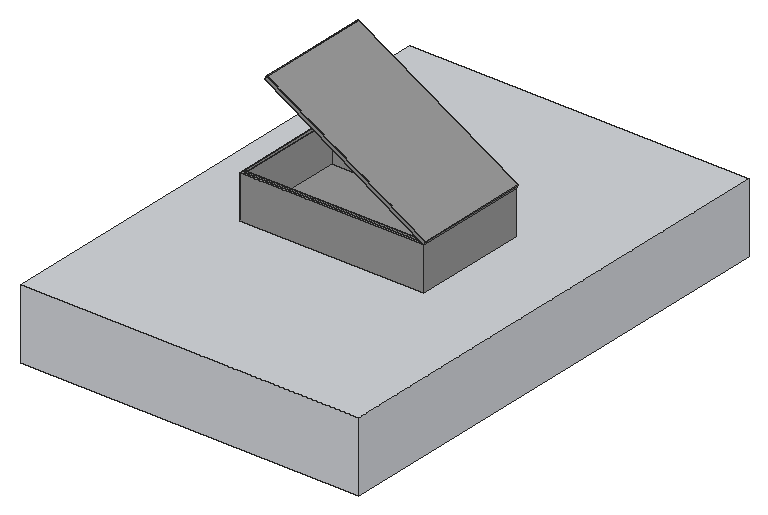
Revit family "Hager-Univers-IP44-D205-H500-Cl.II-Encl-SE-en", category Equipement électrique, Revit 2020
Family settings
  Hôte = Face
  Configuration du panneau = Deux colonnes, circuits au sein
  Cote de connecteur circulaire = Utiliser le diamètre
  Type d'élément = Tableau de raccordement
  Couper avec des vides une fois chargée = Non
  Partagée = Non
  Point de calcul de pièce = Non
Parameters (values of type "Surface mounted (plaster) IP44 W800 H500 D205  - FP33SN2")
  Width Control [instance] = if([EF000008 - Width] > Min Width, [EF000008 - Width], Min Width)  # 800 mm
  Commentaires du type = [HG000003 - Range]  # "Univers"
  Thickness Door [instance] = if([EF009171 - Material plate thickness door/cover] > 3 mm, 3 mm, [EF009171 - Material plate thickness door/cover])  # 1 mm
  Seal Frame Offset [instance] = 17 mm  # constant formula
  Plinth Visibility [instance] = [HG000027 - Plinth height] > 0 mm  # no
  Model = ""
  Min Width [instance] = 100 mm  # constant formula
  Min Height [instance] = 100 mm  # constant formula
  Min Depth [instance] = (2 * [EF009170 - Material plate thickness cabinet]) + 1 mm  # 3 mm
  Internal Frame Depth [instance] = (Door System Depth * 0.5)  # 9 mm
  Height Control [instance] = if([EF000040 - Height] > Min Height, [EF000040 - Height], Min Height)  # 500 mm
  HG000027 - Plinth height = 0 mm
  HG000026 - Floor standing = no
  HG000024 - Bottom section height = 800 mm
  HG000023 - Double section enclosure = no
  HG000016 - Door 3d visibility [instance] = yes
  HG000015 - Clearance visibility [instance] = no
  HG000014 - Door on the right [instance] = yes
  HG000013 - Door on the left [instance] = not([HG000014 - Door on the right])  # no
  HG000012 - Door swing angle [instance] = 30.00°
  HG000010 - Asymmetric doors = no
  HG000009 - Double swing door = no
  HG000006 - Flush mounted = no
  HG000004 - Manufacturer reference = "FP33SN2"
  HG000003 - Range = "Univers"
  HG000002 - With door or cover = yes
  Frame Offset Bottom [instance] = 10 mm  # constant formula
  Frame Offset [instance] = 15 mm  # constant formula
  EF015940 - Cover with overpressure release = no
  EF011959 - Degree of protection (NEMA) = ""
  EF009554 - Number of openings for flange plates = 6
  EF009212 - Cover model = "EV000116 - Closed"
  EF009171 - Material plate thickness door/cover = 1 mm
  EF009170 - Material plate thickness cabinet = 1 mm
  Fabricant = "Hager"  # constant formula
  EF008873 - Nominal current (In) = 250 A
  EF007800 - Suitable for lightning protection = no
  EF006306 - With lock = no
  EF006244 - Transparent cover/door = no
  EF005474 - Degree of protection (IP) = "EV006418 - IP44"
  EF004464 - Type of door = "EV002646 - Single"
  EF004427 - Number of modules = 108
  EF004293 - Impact strength = "EV006815 - IK09"
  EF003532 - Suitable for outdoor use = no
  EF002950 - Width in number of modular spacings = 36
  EF001613 - Circuit integrity = "EV000494 - None"
  EF001596 - Material housing = "EV000179 - Steel"
  EF001131 - Internal depth = 143 mm
  EF001088 - Extension possible = yes
  EF000437 - Number of conduit inlets = 6
  EF000339 - Type of cover = "EV001012 - Cover"
  EF000266 - Number of rows = 3
  EF000218 - Built-in depth = 205 mm
  EF000118 - With mounting plate = no
  EF000116 - RAL-number = "9010"
  EF000049 - Depth = 205 mm
  EF000040 - Height = 500 mm
  EF000008 - Width = 800 mm
  EF000007 - Colour = "EV000202 - White"
  EF000003 - Mounting method = "EV000384 - Surface mounted (plaster)"
  Door System Leaf Tolerance [instance] = 1.5 mm  # constant formula
  Door System Depth [instance] = 18 mm  # constant formula
  Door Height [instance] = Height Control - [HG000027 - Plinth height]  # 500 mm
  Depth Control [instance] = if([EF000049 - Depth] > Min Depth, [EF000049 - Depth], Min Depth)  # 205 mm
  Default Elevation = 0 mm
  Connector Offset [instance] = Height Control / 2  # 250 mm
  Bottom Top Plate Trim [instance] = 1.5 mm  # constant formula
  Plinth height Ctrl [instance] = if([HG000027 - Plinth height] > 0 mm, [HG000027 - Plinth height], 12 mm)  # 12 mm
Types (5, lengths in mm): name | Width Control | HG000010 - Asymmetric doors | HG000009 - Double swing door | HG000004 - Manufacturer reference | EF009554 - Number of openings for flange plates | EF004464 - Type of door | EF004427 - Number of modules | EF002950 - Width in number of modular spacings | EF000437 - Number of conduit inlets | EF000008 - Width
  Surface mounted (plaster) IP44 W1050 H500 D205  - FP34SN2 | 1050 | no | yes | "FP34SN2" | 8 | "EV003602 - Double" | 144 | 48 | 8 | 1050
  Surface mounted (plaster) IP44 W1300 H500 D205  - FP35SN2 | 1300 | yes | yes | "FP35SN2" | 10 | "EV003602 - Double" | 180 | 60 | 10 | 1300
  Surface mounted (plaster) IP44 W300 H500 D205  - FP31SN2 | 300 | no | no | "FP31SN2" | 2 | "EV002646 - Single" | 36 | 12 | 2 | 300
  Surface mounted (plaster) IP44 W550 H500 D205  - FP32SN2 | 550 | no | no | "FP32SN2" | 4 | "EV002646 - Single" | 72 | 24 | 4 | 550
  Surface mounted (plaster) IP44 W800 H500 D205  - FP33SN2 | 800 | no | no | "FP33SN2" | 6 | "EV002646 - Single" | 108 | 36 | 6 | 800
Reference planes
  plane 1 "Center (Front/Back)": y = 0
  plane 2: z = 0
  plane 3 "Center (Left/Right)": x = 0
  plane 4: z = 205
  plane 5: y = 1
  plane 6: y = 250
  plane 7: y = 0
  plane 8: y = 500
  plane 9: z = 0
  plane 10: x = -385
  plane 11: x = 385
  plane 12: x = 384
  plane 13: x = -384
  plane 14: y = 499
  plane 15: x = -383
  plane 16: x = -400
  plane 17: x = 383
  plane 18: x = 400
  plane 19: x = 399
  plane 20: x = -399
  plane 21: y = 11
  plane 22: y = 500
  plane 23: y = 484
  plane 24: z = 187
  plane 25: z = 1
  plane 26: z = 186
  plane 27: z = 204
Forms (mm)
  Extrusion 1, solid
    sketch origin (0, 0, 0) x (1, 0, 0) y (0, 1, 0)
      loop
        line (-702.964, 1305) -> (-702.964, -811.445) -> (766.763, -811.445) -> (766.763, 1305) -> (-702.964, 1305)
    from 0 to -304.8
  Extrusion 2, solid, material "Hager_Steel_RAL7035_Light_Grey", visible <- "Plinth Visibility", detail levels medium+fine
    sketch origin (0, 0, 0) x (1, 0, 0) y (0, 1, 0)
      loop
        line (-400, 0) -> (400, 0) -> (400, 12) -> (-400, 12) -> (-400, 0)
    from 0 to 187
  Extrusion 3, solid, material "Hager_Steel_RAL7035_Light_Grey", detail levels medium+fine
    sketch origin (0, 0, 0) x (1, 0, 0) y (0, 1, 0)
      loop
        line (-400, 0) -> (400, 0) -> (400, 500) -> (-400, 500) -> (-400, 0)
    from 0 to 187
  Extrusion 4, void
    sketch origin (0, 0, 0) x (1, 0, 0) y (0, 1, 0)
      loop
        line (-399, 1) -> (399, 1) -> (399, 499) -> (-399, 499) -> (-399, 1)
    from 1 to 186
  Extrusion 5, void
    sketch origin (-381.607, -4572, 187) x (0, -1, 0) y (-1, 0, 0)
      loop
        line (-4583, 2.393) -> (-5056, 2.393) -> (-5056, -765.607) -> (-4583, -765.607) -> (-4583, 2.393)
    from 0 to 1 <- "EF009170 - Material plate thickness cabinet"
  Extrusion 6, solid, material "Hager_Steel_RAL7035_Light_Grey", detail levels fine
    sketch origin (0, 0, 187) x (1, 0, 0) y (0, 1, 0)
      loop
        line (-384, 484) -> (-384, 11) -> (384, 11) -> (384, 484) -> (-384, 484)
      loop
        line (-385, 10) -> (385, 10) -> (385, 485) -> (-385, 485) -> (-385, 10)
    from 0 to 9 <- "Internal Frame Depth"
  Extrusion 7, solid, material "Hager_Steel_RAL7035_Light_Grey", detail levels coarse
    sketch origin (0, 0, 0) x (1, 0, 0) y (0, 1, 0)
      loop
        line (-400, 0) -> (400, 0) -> (400, 500) -> (-400, 500) -> (-400, 0)
    from 0 to 205
  Sweep 8, void
    path in 3D
      loop
        line (-400, 12, 0) -> (400, 12, 0) -> (400, 12, 187) -> (-400, 12, 187) -> (-400, 12, 0)
    profile origin (-400, 12, 93.5) x (-1, 0, 0) y (0, -1, 0)
      loop
        line (0, 0) -> (0, 1.5) -> (-1.5, 1.5)
        arc (-1.5, 1.5) -> (-1.061, 0.439) -> (0, 0) r 1.5
Cuts and joins
  Extrusion 4, Extrusion 5 cuts Extrusion 3
  Sweep 8 cuts Extrusion 2
Lines and regions (mm)
  Masking region 1
    outline origin (0, 0, 0) x (1, 0, 0) y (0, 0, 1)
      loop
        line (-400, 205) -> (-400, 0) -> (400, 0) -> (400, 205) -> (-400, 205)
  Masking region 2, detail levels medium+fine
    outline origin (0, 140, 0) x (0, 1, 0) y (0, 0, 1)
      loop
        line (-140, 0) -> (360, 0) -> (360, 187) -> (-140, 187) -> (-140, 0)
  Masking region 3, not visible, detail levels medium+fine
    outline origin (0, 297.922, 0) x (0, 1, 0) y (0, 0, 1)
      loop
        line (-36.422, 0) -> (3.578, 0) -> (3.578, 194)
        arc (3.578, 194) -> (0.649, 201.071) -> (-6.422, 204) r 10
        line (-6.422, 204) -> (-36.422, 204) -> (-36.422, 0)
  Masking region 4, detail levels coarse
    outline origin (0, 0, 180) x (0, 1, 0) y (0, 0, 1)
      loop
        line (0, -180) -> (500, -180) -> (500, 25) -> (0, 25) -> (0, -180)
  Masking region 5, visible <- "Plinth Visibility", detail levels medium+fine
    outline origin (0, 52.24, 12.345) x (0, 0, -1) y (0, 1, 0)
      loop
        line (10.845, -40.24) -> (-173.155, -40.24)
        arc (-173.155, -40.24) -> (-173.594, -41.301) -> (-174.655, -41.74) r 1.5
        line (-174.655, -41.74) -> (-174.655, -52.24) -> (12.345, -52.24) -> (12.345, -41.74)
        arc (12.345, -41.74) -> (11.285, -41.301) -> (10.845, -40.24) r 1.5
  Masking region 6, detail levels medium+fine
    outline origin (-381.607, -4572, 187) x (-1, 0, 0) y (0, -1, 0)
      loop
        line (18.393, -5072) -> (18.393, -4572) -> (-781.607, -4572) -> (-781.607, -5072) -> (18.393, -5072)
  Masking region 7, visible <- "Plinth Visibility", detail levels medium+fine
    outline origin (-381.607, -4727, 187) x (-1, 0, 0) y (0, -1, 0)
      loop
        arc (16.893, -4739) -> (17.332, -4737.939) -> (18.393, -4737.5) r 1.5
        line (18.393, -4737.5) -> (18.393, -4727) -> (-781.607, -4727) -> (-781.607, -4737.5)
        arc (-781.607, -4737.5) -> (-780.546, -4737.939) -> (-780.107, -4739) r 1.5
        line (-780.107, -4739) -> (16.893, -4739)
  Masking region 8, detail levels coarse
    outline origin (-442.548, -4669.526, 187) x (-1, 0, 0) y (0, -1, 0)
      loop
        line (-42.548, -5169.526) -> (-42.548, -4669.526) -> (-842.548, -4669.526) -> (-842.548, -5169.526) -> (-42.548, -5169.526)
  sketch lines
    curve 1: line (-400, 12, 187) -> (-400, 12, 0)
    curve 2: line (400, 12, 187) -> (-400, 12, 187)
    curve 3: line (400, 12, 187) -> (400, 12, 0)
    curve 4: line (-400, 12, 0) -> (400, 12, 0)
Dimensions and locks
  "Depth Control": plane 4 to Extrusion 1
  "HG000027 - Plinth height": plane 1 "Center (Front/Back)" to plane 7
  "EF009170 - Material plate thickness cabinet": plane 5 to plane 7
  locked: connector elem to plane 3 "Center (Left/Right)"
  equal spacing: plane 8, plane 6, plane 7
  locked: connector elem to plane 6
  "EF009170 - Material plate thickness cabinet": plane 8 to plane 14
  "EF009170 - Material plate thickness cabinet": plane 10 to plane 13
  "EF009170 - Material plate thickness cabinet": plane 12 to plane 11
  "Frame Offset": plane 20 to plane 13
  "Frame Offset": plane 12 to plane 19
  "EF009170 - Material plate thickness cabinet": plane 16 to plane 20
  "EF009170 - Material plate thickness cabinet": plane 19 to plane 18
  "Seal Frame Offset": plane 16 to plane 15
  "Seal Frame Offset": plane 17 to plane 18
  "Frame Offset Bottom": plane 21 to plane 5
  "Frame Offset": plane 14 to plane 23
  equal spacing: plane 16, plane 3 "Center (Left/Right)", plane 18
  "Width Control": plane 16 to plane 18
  "EF009170 - Material plate thickness cabinet": plane 4 to plane 27
  "EF009170 - Material plate thickness cabinet": plane 24 to plane 26
  "EF009170 - Material plate thickness cabinet": plane 25 to level
  "Door System Depth": plane 4 to plane 24
  "Height Control": plane 1 "Center (Front/Back)" to Extrusion 7 sketch curve
  "Height Control": Masking region 4 sketch curve to plane 1 "Center (Front/Back)"
  "Height Control": plane 1 "Center (Front/Back)" to plane 22
  "Bottom Top Plate Trim": profile plane to Sweep 8 sketch curve
  "Bottom Top Plate Trim": Sweep 8 sketch curve to profile plane
  "Plinth height Ctrl": plane 1 "Center (Front/Back)" to Extrusion 2 sketch curve
  "Plinth height Ctrl": Masking region 5 sketch curve to plane 1 "Center (Front/Back)"
  "Plinth height Ctrl": plane 1 "Center (Front/Back)" to Masking region 7 sketch curve
  "Thickness Door": Extrusion 6 sketch curve to Extrusion 6 sketch curve  (x3)
  "Thickness Door": cut or joined group of Extrusion 3, Extrusion 4, Extrusion 5 to Extrusion 6 sketch curve
  radius of Masking region 3 sketch curve = 10 mm
  "Bottom Top Plate Trim": radius of Masking region 5 sketch curve  (x2)
  "Bottom Top Plate Trim": radius of Sweep 8 sketch curve
  "Bottom Top Plate Trim": radius of Masking region 7 sketch curve  (x2)
  aligned and locked: plane 2 to Extrusion 1
  aligned and locked: level to Extrusion 1
  aligned and locked: level to Masking region 1 sketch curve
  aligned and locked: Masking region 1 sketch curve to plane 18
  aligned and locked: Masking region 1 sketch curve to plane 16
  aligned and locked: plane 7 to Masking region 2 sketch curve
  aligned and locked: level to Masking region 3 sketch curve
  aligned and locked: Masking region 3 sketch curve to plane 27
  aligned and locked: level to Masking region 2 sketch curve
  aligned and locked: plane 1 "Center (Front/Back)" to Extrusion 2 sketch curve
  aligned and locked: Extrusion 3 sketch curve to plane 7
  aligned and locked: plane 16 to Extrusion 3 sketch curve
  aligned and locked: plane 18 to Extrusion 3 sketch curve
  aligned and locked: plane 20 to Extrusion 4 sketch curve
  aligned and locked: plane 19 to Extrusion 4 sketch curve
  aligned and locked: Extrusion 4 sketch curve to plane 5
  aligned and locked: Extrusion 4 to plane 25
  aligned and locked: plane 26 to Extrusion 4
  aligned and locked: plane 24 to Extrusion 3
  aligned and locked: Extrusion 5 sketch curve to plane 21
  aligned and locked: Extrusion 5 sketch curve to plane 13
  aligned and locked: Extrusion 5 sketch curve to plane 12
  aligned and locked: plane 18 to Extrusion 7 sketch curve
  aligned and locked: plane 1 "Center (Front/Back)" to Extrusion 7 sketch curve
  aligned and locked: plane 16 to Extrusion 7 sketch curve
  aligned and locked: plane 4 to Extrusion 7
  aligned and locked: Extrusion 7 to level
  aligned and locked: level to Masking region 4 sketch curve
  aligned and locked: Masking region 4 sketch curve to plane 1 "Center (Front/Back)"
  aligned and locked: Masking region 4 sketch curve to plane 4
  aligned and locked: nested 1 to level
  aligned and locked: nested 1 to plane 16
  aligned and locked: plane 8 to Extrusion 3 sketch curve
  aligned and locked: plane 23 to Extrusion 5 sketch curve
  aligned and locked: plane 14 to Extrusion 4 sketch curve
  aligned and locked: Masking region 2 sketch curve to plane 8
  aligned and locked: level to Masking region 5 sketch curve
  aligned and locked: plane 16 to Extrusion 2 sketch curve
  aligned and locked: plane 18 to Extrusion 2 sketch curve
  aligned and locked: Masking region 5 sketch curve to plane 24
  aligned and locked: Masking region 2 sketch curve to plane 24
  aligned and locked: plane 24 to Extrusion 2
  aligned and locked: profile plane to Sweep 8 sketch curve  (x2)
  aligned and locked: Masking region 6 sketch curve to plane 18
  aligned and locked: Masking region 6 sketch curve to plane 22
  aligned and locked: Masking region 6 sketch curve to plane 16
  aligned and locked: plane 8 to plane 22
  aligned and locked: Masking region 6 sketch curve to plane 7
  aligned and locked: Masking region 7 sketch curve to plane 16
  aligned and locked: Masking region 7 sketch curve to plane 1 "Center (Front/Back)"
  aligned and locked: Masking region 7 sketch curve to plane 18
  aligned and locked: Masking region 8 sketch curve to plane 1 "Center (Front/Back)"
  aligned and locked: Masking region 8 sketch curve to plane 18
  aligned and locked: Masking region 8 sketch curve to plane 22
  aligned and locked: Masking region 8 sketch curve to plane 16
  aligned and locked: nested 2 to plane 7
  aligned and locked: plane 3 "Center (Left/Right)" to nested 2
  aligned and locked: nested 2 to plane 24
  aligned and locked: Extrusion 6 sketch curve to cut or joined group of Extrusion 3, Extrusion 4, Extrusion 5  (x4)
Automatic sketch dimensions
  Extrusion 1 sketch curve to Extrusion 1 sketch curve = 1469.727 mm
  Extrusion 1 sketch curve to Extrusion 1 sketch curve = 2116.445 mm
  Masking region 1 sketch curve to plane 4 = 0 mm
  plane 6 to Masking region 3 sketch curve = 11.5 mm
  Masking region 3 sketch curve to Masking region 3 sketch curve = 30 mm
  Masking region 5 sketch curve to plane 1 "Center (Front/Back)" = 0 mm
Nested families
  nested 1: "Hager_Enclosure_Symbol" at (-400, 0, 0) x (1, 0, 0) z (0, -1, 0), Height <- "Depth Control", Width <- "Width Control", type "Hager_Enclosure_Symbol"
    with Width_Ctrl 800 mm, Width 800 mm, Height_Ctrl 205 mm, Height 205 mm, A_Width_Int 13.453 mm, A_Width 161.438 mm, A_Height_Ctrl 179.375 mm, A_Height 179.375 mm
  nested 2: "EC000058_Univers_Door" at (0, 0, 187) x (1, 0, 0) z (0, 1, 0), Leaf_Tolerance <- "Door System Leaf Tolerance", Angle <- "HG000012 - Door swing angle", Door_Depth <- "Door System Depth", Door_Left <- "HG000013 - Door on the left", Transparent <- "EF006244 - Transparent cover/door", Assymetrical <- "HG000010 - Asymmetric doors", Width <- "Width Control", Clearance <- "HG000015 - Clearance visibility", Double <- "HG000009 - Double swing door", 3d_Door <- "HG000016 - Door 3d visibility", Lock_Visibility <- "EF006306 - With lock", Width_Ctrl <- "Width Control", Door_Right <- "HG000014 - Door on the right", Door <- "HG000002 - With door or cover", Height <- "Door Height", Thickness <- "Thickness Door", type "EC000058_Univers_Door", detail levels medium+fine
    with min_wh 3 mm, Width_Ctrl 800 mm, Width 800 mm, Transparent no, Thickness 1 mm, Seal_Material Hager_Rubber, Lock_Visibility no, Lock_Material Hager_Plastic_RAL9005_Jet_Black, Leaf_Width 800 mm, Leaf_Tolerance_External_Sides 0 mm, Leaf_Tolerance 1.5 mm, Leaf_Offset 0 mm, Leaf_Height 497 mm, Leaf_2_Width 800 mm, Leaf_2_Offset 400 mm, Leaf_1_Width 800 mm, Leaf_1_Offset 400 mm, Height_Ctrl 500 mm, Height 500 mm, Glass_Material Hager_Glass, Double_Clearance_Ctrl no, Double no, Door_Right_Ctrl yes, Door_Right yes, Door_Material Hager_Steel_RAL7035_Light_Grey, Door_Left_Ctrl no, Door_Left no, Door_Depth 18 mm, Door yes, Clearance_Material Hager_Clearance, Clearance_Depth 800 mm, Clearance_Ctrl no, Clearance no, Assymetrical no, Angle 30.00°, 3d_Door yes
Connectors
  electrical at (0, 250, 0)
    settings: on plane 9, index 1, voltage 0 V, apparent load 0 VA, apparent load phase1 0 VA, apparent load phase2 0 VA, apparent load phase3 0 VA, power factor 1, load classification "Other", number of poles 1, system type 30, power factor state 1, is connector primary yes, connector utility no, sub classification motor no, connector description ""
Definition of nested family "EC000058_Univers_Door"
  Parameters (values of type "EC000058_Univers_Door")
    min_wh [instance] = (2 * Thickness) + 1 mm  # 11 mm
    Width_Ctrl [instance] = 400 mm
    Width [instance] = 500 mm
    Transparent [instance] = yes
    Thickness [instance] = 5 mm
    Seal_Material [instance] = none
    Lock_Visibility [instance] = yes
    Lock_Material [instance] = none
    Leaf_Width [instance] = if((Width_Ctrl - 2 * Leaf_Tolerance_External_Sides) > 0 mm, (Width_Ctrl - 2 * Leaf_Tolerance_External_Sides), min_wh)  # 400 mm
    Leaf_Tolerance_External_Sides [instance] = 0 mm  # constant formula
    Leaf_Tolerance [instance] = 1.5 mm
    Leaf_Offset [instance] = 0 mm  # constant formula
    Leaf_Height [instance] = if((Height_Ctrl - 2 * Leaf_Tolerance) > 0 mm, (Height_Ctrl - 2 * Leaf_Tolerance), min_wh)  # 497 mm
    Leaf_2_Width [instance] = if(and(and(Double, Assymetrical), Door_Left), (Leaf_Width / 3) - (Leaf_Tolerance / 2), if(and(and(Double, Assymetrical), Door_Right), (Leaf_Width / 3) * 2 - (Leaf_Tolerance / 2), if(and(Double, not(Assymetrical)), (Leaf_Width / 2) - Leaf_Tolerance, Leaf_Width)))  # 400 mm
    Leaf_2_Offset [instance] = if(and(Double, Assymetrical), Leaf_2_Width / 2, if(and(Double, not(Assymetrical)), Leaf_Width / 4, Leaf_Width / 2))  # 200 mm
    Leaf_1_Width [instance] = if(and(and(Double, Assymetrical), Door_Right), (Leaf_Width / 3) - (Leaf_Tolerance / 2), if(and(and(Double, Assymetrical), Door_Left), (Width / 3) * 2 - (Leaf_Tolerance / 2), if(and(Double, not(Assymetrical)), (Leaf_Width / 2) - Leaf_Tolerance, Leaf_Width)))  # 400 mm
    Leaf_1_Offset [instance] = if(and(Double, Assymetrical), Leaf_1_Width / 2, if(and(Double, not(Assymetrical)), Leaf_Width / 4, Leaf_Width / 2))  # 200 mm
    Height_Ctrl [instance] = if(Height > min_wh, Height, min_wh)  # 500 mm
    Height [instance] = 500 mm
    Glass_Material [instance] = none
    Double_Clearance_Ctrl [instance] = and(Double, Clearance)  # no
    Double [instance] = no
    Door_Right_Ctrl [instance] = and(or(Door_Right, Double), Door)  # yes
    Door_Right [instance] = yes
    Door_Material [instance] = none
    Door_Left_Ctrl [instance] = and(or(Door_Left, Double), Door)  # no
    Door_Left [instance] = no
    Door_Depth [instance] = 30 mm
    Door [instance] = yes
    Default Elevation = 1219.2 mm
    Clearance_Material [instance] = none
    Clearance_Depth [instance] = if(Leaf_1_Width > Leaf_2_Width, Leaf_1_Width, Leaf_2_Width)  # 400 mm
    Clearance_Ctrl [instance] = and(not(Double), Clearance)  # yes
    Clearance [instance] = yes
    Assymetrical [instance] = yes
    Angle [instance] = 30.00°
    3d_Door [instance] = yes
  Reference planes
    plane 1 "Center (Front/Back)": y = 0
    plane 2 "Bottom": z = 0
    plane 3 "Center (Left/Right)": x = 0
    plane 4: z = 500
    plane 5: x = -200
    plane 6: x = 200
    plane 7: z = 500
    plane 8: x = -200
    plane 9: z = 0
    plane 10: x = 200
    plane 11: y = 0
    plane 12: z = 1.5
    plane 13: x = -600
    plane 14: y = -400
    plane 15: x = 600
    plane 16: x = 0
    plane 17: x = 0
    plane 18: x = -200
    plane 19: x = 200
    plane 20: z = 498.5
  Forms (mm)
    Extrusion 1, solid, material <- "Clearance_Material", visible <- "Double_Clearance_Ctrl"
      sketch origin (1200, 0, 0) x (1, 0, 0) y (0, 0, -1)
        loop
          line (-1800, -498.5) -> (-600, -498.5) -> (-600, 0) -> (-1800, 0) -> (-1800, -498.5)
      from 0 to -400
  Dimensions and locks
    equal spacing: plane 5, plane 3 "Center (Left/Right)", plane 6
    "Width_Ctrl": plane 5 to plane 6
    "Leaf_Offset": plane 5 to plane 8
    "Leaf_Offset": plane 6 to plane 10
    "Leaf_Offset": plane 9 to level
    "Leaf_Offset": plane 4 to plane 7
    "Height_Ctrl": plane 4 to level
    "Leaf_Tolerance": plane 12 to plane 9
    locked: plane 11 to plane 1 "Center (Front/Back)"
    "Leaf_1_Offset": plane 18 to plane 16
    "Leaf_2_Offset": plane 17 to plane 19
    "Leaf_1_Width": plane 13 to plane 8
    "Leaf_2_Width": plane 10 to plane 15
    "Clearance_Depth": plane 14 to plane 1 "Center (Front/Back)"
    "Leaf_Tolerance_External_Sides": plane 8 to plane 18
    "Leaf_Tolerance_External_Sides": plane 19 to plane 10
    "Leaf_Tolerance": plane 7 to plane 20
    aligned and locked: level to plane 2 "Bottom"
    aligned and locked: nested 1 to plane 16
    aligned and locked: nested 2 to plane 17
    aligned and locked: Extrusion 1 to plane 13
    aligned and locked: plane 15 to Extrusion 1
    aligned and locked: Extrusion 1 to plane 14
    aligned and locked: plane 12 to nested 1
    aligned and locked: nested 2 to plane 12
    aligned and locked: Extrusion 1 to plane 11
    aligned and locked: plane 20 to Extrusion 1
    aligned and locked: nested 2 to plane 11
    aligned and locked: nested 1 to plane 11
  Automatic sketch dimensions
    Extrusion 1 sketch curve to level = 0 mm
    plane 5 to Extrusion 1 sketch curve = 400 mm
    plane 6 to Extrusion 1 sketch curve = 400 mm
    Extrusion 1 sketch curve to plane 4 = 1.5 mm
  Nested families
    nested 1: "EC000058_Univers_Door_Leaf" at (0, 0, 1.5), Width <- "Leaf_1_Width", visible <- "Door_Left_Ctrl", Leaf_Height <- "Leaf_Height", Angle <- "Angle", 3d_Door <- "3d_Door", Transparent <- "Transparent", Clearance Material <- "Clearance_Material", Clearance <- "Clearance_Ctrl", Door_Material <- "Door_Material", Glass_Material <- "Glass_Material", Door_Depth <- "Door_Depth", Lock_Material <- "Lock_Material", Seal_Material <- "Seal_Material", Lock_Visibility <- "Lock_Visibility", Thickness <- "Thickness", type "EC000058_Univers_Door_Leaf"
      with Width 400 mm, Transparent_Glass_Offset 30 mm, Transparent_Ctrl yes, Transparent yes, Thickness 5 mm, Standard no, Seal_Material none, Seal_D2 8 mm, Seal_D1 1 mm, Offset_Internal_Frame 10 mm, Lock_Width 20 mm, Lock_Visibility_3d yes, Lock_Visibility yes, Lock_Thickness_3 3 mm, Lock_Thickness_2 1 mm, Lock_Thickness_1 3 mm, Lock_Radius_Offset_2 16 mm, Lock_Radius_Offset_1 15 mm, Lock_Radius_2 5 mm, Lock_Radius 6 mm, Lock_Offset 5 mm, Lock_Material none, Lock_Height 80 mm, Lock_Cover_Top_Offset_2d 17 mm, Lock_Cover_Height -65 mm, Leaf_Height 497 mm, Internal_Seal_Thickness 8 mm, Internal_Seal_Depth_2 4.5 mm, Internal_Frame_Depth 25 mm, Glass_Thickness -1 mm, Glass_Offset -2 mm, Glass_Material none, Door_Material none, Door_Depth 30 mm, Clearance Material none, Clearance yes, Angle_Ctrl 30.00°, Angle 30.00°, 3d_Door yes
    nested 2: "EC000058_Univers_Door_Leaf" at (0, 0, 1.5) x (-1, 0, 0) z (0, 0, 1), Width <- "Leaf_2_Width", visible <- "Door_Right_Ctrl", Leaf_Height <- "Leaf_Height", Angle <- "Angle", 3d_Door <- "3d_Door", Transparent <- "Transparent", Clearance Material <- "Clearance_Material", Clearance <- "Clearance_Ctrl", Door_Material <- "Door_Material", Glass_Material <- "Glass_Material", Door_Depth <- "Door_Depth", Lock_Material <- "Lock_Material", Seal_Material <- "Seal_Material", Lock_Visibility <- "Lock_Visibility", Thickness <- "Thickness", type "EC000058_Univers_Door_Leaf"
      with Width 400 mm, Transparent_Glass_Offset 30 mm, Transparent_Ctrl yes, Transparent yes, Thickness 5 mm, Standard no, Seal_Material none, Seal_D2 8 mm, Seal_D1 1 mm, Offset_Internal_Frame 10 mm, Lock_Width 20 mm, Lock_Visibility_3d yes, Lock_Visibility yes, Lock_Thickness_3 3 mm, Lock_Thickness_2 1 mm, Lock_Thickness_1 3 mm, Lock_Radius_Offset_2 16 mm, Lock_Radius_Offset_1 15 mm, Lock_Radius_2 5 mm, Lock_Radius 6 mm, Lock_Offset 5 mm, Lock_Material none, Lock_Height 80 mm, Lock_Cover_Top_Offset_2d 17 mm, Lock_Cover_Height -65 mm, Leaf_Height 497 mm, Internal_Seal_Thickness 8 mm, Internal_Seal_Depth_2 4.5 mm, Internal_Frame_Depth 25 mm, Glass_Thickness -1 mm, Glass_Offset -2 mm, Glass_Material none, Door_Material none, Door_Depth 30 mm, Clearance Material none, Clearance yes, Angle_Ctrl 30.00°, Angle 30.00°, 3d_Door yes
  Definition of nested family "EC000058_Univers_Door_Leaf"
    Parameters (values of type "EC000058_Univers_Door_Leaf")
      Width [instance] = 2000 mm
      Transparent_Glass_Offset [instance] = 30 mm
      Transparent_Ctrl [instance] = and(Transparent, [3d_Door])  # yes
      Transparent [instance] = yes
      Thickness [instance] = 5 mm
      Standard [instance] = and(not(Transparent), [3d_Door])  # no
      Seal_Material [instance] = none
      Seal_D2 [instance] = 8 mm  # constant formula
      Seal_D1 [instance] = 1 mm  # constant formula
      Offset_Internal_Frame [instance] = 10 mm  # constant formula
      Lock_Width [instance] = 20 mm  # constant formula
      Lock_Visibility_3d [instance] = and(Lock_Visibility, [3d_Door])  # yes
      Lock_Visibility [instance] = yes
      Lock_Thickness_3 [instance] = 3 mm  # constant formula
      Lock_Thickness_2 [instance] = 1 mm  # constant formula
      Lock_Thickness_1 [instance] = 3 mm  # constant formula
      Lock_Radius_Offset_2 [instance] = Lock_Radius_Offset_1 + 1 mm  # 16 mm
      Lock_Radius_Offset_1 [instance] = 15 mm  # constant formula
      Lock_Radius_2 [instance] = Lock_Radius - 1 mm  # 5 mm
      Lock_Radius [instance] = 6 mm  # constant formula
      Lock_Offset [instance] = 5 mm  # constant formula
      Lock_Material [instance] = none
      Lock_Height [instance] = 80 mm  # constant formula
      Lock_Cover_Top_Offset_2d [instance] = Lock_Radius_Offset_2 + 1 mm  # 17 mm
      Lock_Cover_Height [instance] = -(Lock_Height - Lock_Radius_Offset_1)  # -65 mm
      Leaf_Height [instance] = 2720.336 mm
      Internal_Seal_Thickness [instance] = 8 mm  # constant formula
      Internal_Seal_Depth_2 [instance] = 4.5 mm  # constant formula
      Internal_Frame_Depth [instance] = if(Door_Depth - Thickness > 5 mm, Door_Depth - Thickness, 5 mm)  # 25 mm
      Glass_Thickness [instance] = if(Thickness > 15 mm, Glass_Offset + 10 mm, -1 mm)  # -1 mm
      Glass_Offset [instance] = if(Thickness > 15 mm, -(Thickness + 10 mm) / 2, -2 mm)  # -2 mm
      Glass_Material [instance] = none
      Door_Material [instance] = none
      Door_Depth [instance] = 30 mm
      Default Elevation = 0 mm
      Clearance Material [instance] = none
      Clearance [instance] = yes
      Angle_Ctrl [instance] = if(Angle > 180.00°, 180.00°, Angle)  # 90.00°
      Angle [instance] = 90.00°
      3d_Door [instance] = yes
    Reference planes
      plane 1 "Center (Front/Back)": y = 0
      plane 2: z = 0
      plane 3 "Center (Left/Right)": x = 0
      plane 4: y = 2000
      plane 5: x = -1000
      plane 6: x = 1000
      plane 7: x = -3000
      plane 8: z = 2720.336
      plane 9: z = 30
      plane 10: z = 2690.336
      plane 11: x = 970
      plane 12: x = -970
      plane 13: y = -3
      plane 14: z = 107.833
      plane 15: y = -5
      plane 16: y = -223.314
      plane 17: x = -1000
      plane 18: z = 1360.168
      plane 19: y = 30
    Forms (mm)
      Extrusion 1, solid, material <- "Clearance Material", visible <- "Clearance"
        sketch origin (0, 0, 0) x (1, 0, 0) y (0, 0, 1)
          loop
            line (-3000, 2720.336) -> (-3000, 0) -> (1000, 0) -> (1000, 2720.336) -> (-3000, 2720.336)
        from 0 to -2000
      Extrusion 2, solid, material <- "Door_Material", visible <- "Standard", detail levels medium+fine
        sketch origin (-1000, 0, 0) x (0, 1, 0) y (-1, 0, 0)
          loop
            line (0, 30) -> (0, 25) -> (2000, 25) -> (2000, 30) -> (0, 30)
        from 0 to 2720.336 <- "Leaf_Height"
      Extrusion 3, solid, material <- "Door_Material", visible <- "Transparent_Ctrl", detail levels medium+fine
        sketch origin (-1000, 0, 0) x (0, 1, 0) y (-1, 0, 0)
          loop
            line (0, 25) -> (2000, 25) -> (2000, 30) -> (0, 30) -> (0, 25)
        from 0 to 2720.336 <- "Leaf_Height"
      Extrusion 4, void
        sketch origin (-1025, 2000, 0) x (0, 1, 0) y (0, 0, -1)
          loop
            line (-30, -2690.336) -> (-30, -30) -> (-1970, -30) -> (-1970, -2690.336) -> (-30, -2690.336)
        from 0 to 5 <- "Thickness"
      Sweep 5, solid, material <- "Seal_Material", visible <- "Transparent_Ctrl", detail levels fine
        path in 3D
          loop
            line (-1025, 30, 30) -> (-1025, 30, 2690.336) -> (-1025, 1970, 2690.336) -> (-1025, 1970, 30) -> (-1025, 30, 30)
        profile origin (-1025, 1000, 30) x (1, 0, 0) y (0, 0, 1)
          loop
            line (0, 0) -> (0, -8) -> (1, -8) -> (1, 0) -> (0, 0)
      Extrusion 6, solid, material <- "Glass_Material", visible <- "Transparent_Ctrl", detail levels medium+fine
        sketch origin (-1030, 0, 0) x (0, 1, 0) y (0, 0, -1)
          loop
            line (1970, -2690.336) -> (1970, -30) -> (30, -30) -> (30, -2690.336) -> (1970, -2690.336)
        from -2 <- "Glass_Offset" to -1 <- "Glass_Thickness"
      Extrusion 7, solid, material <- "Door_Material", visible <- "3d_Door", detail levels medium+fine
        sketch origin (-1025, 2000, 0) x (0, -1, 0) y (0, 0, -1)
          loop
            line (0, -2720.336) -> (2000, -2720.336) -> (2000, 0) -> (0, 0) -> (0, -2720.336)
          loop
            line (1995, -5) -> (5, -5) -> (5, -2715.336) -> (1995, -2715.336) -> (1995, -5)
        from 0 to 25 <- "Internal_Frame_Depth"
      Sweep 8, solid, material <- "Seal_Material", visible <- "Transparent_Ctrl", detail levels fine
        path in 3D
          loop
            line (-1025, 0, 0) -> (-1025, 2000, 0) -> (-1025, 2000, 2720.336) -> (-1025, 0, 2720.336) -> (-1025, 0, 0)
        profile origin (-1025, 0, 1360.168) x (1, 0, 0) y (0, 1, 0)
          loop
            line (0, 10) -> (2.975, 10)
            arc (2.975, 10) -> (4.053, 10.447) -> (4.5, 11.525) r 1.525
            line (4.5, 11.525) -> (4.5, 16.527)
            arc (4.5, 16.527) -> (4.069, 17.569) -> (3.027, 18) r 1.473
            line (3.027, 18) -> (0, 18) -> (0, 10)
      Extrusion 9, solid, material <- "Lock_Material", visible <- "Lock_Visibility_3d", detail levels fine
        sketch origin (-1030, 0, 0) x (0, 1, 0) y (0, 0, -1)
          loop
            arc (1993.5, -1400.168) -> (1994.561, -1399.729) -> (1995, -1398.668) r 1.5
            line (1995, -1398.668) -> (1995, -1320.168) -> (1975, -1320.168) -> (1975, -1398.668)
            arc (1975, -1398.668) -> (1975.439, -1399.729) -> (1976.5, -1400.168) r 1.5
            line (1976.5, -1400.168) -> (1993.5, -1400.168)
        from 3 <- "Lock_Thickness_1" to 0
      Blend 10, solid, material <- "Lock_Material", visible <- "Lock_Visibility_3d", detail levels fine
        base sketch origin (-1033, 0, 0) x (0, 1, 0) y (0, 0, -1)
          loop
            line (1975, -1320.168) -> (1975, -1398.668)
            arc (1975, -1398.668) -> (1975.439, -1399.729) -> (1976.5, -1400.168) r 1.5
            line (1976.5, -1400.168) -> (1993.5, -1400.168)
            arc (1993.5, -1400.168) -> (1994.561, -1399.729) -> (1995, -1398.668) r 1.5
            line (1995, -1398.668) -> (1995, -1320.168) -> (1975, -1320.168)
        top sketch origin (-1033, 0, 0) x (0, 1, 0) y (0, 0, -1)
          loop
            line (1976, -1320.168) -> (1976, -1398.668)
            arc (1976, -1398.668) -> (1976.146, -1399.022) -> (1976.5, -1399.168) r 0.5
            line (1976.5, -1399.168) -> (1993.5, -1399.168)
            arc (1993.5, -1399.168) -> (1993.854, -1399.022) -> (1994, -1398.668) r 0.5
            line (1994, -1398.668) -> (1994, -1320.168) -> (1976, -1320.168)
        from 0 to 1 <- "Lock_Thickness_2"
      Blend 11, solid, material <- "Lock_Material", visible <- "Lock_Visibility_3d", detail levels fine
        base sketch origin (-1034, 0, 0) x (0, 1, 0) y (0, 0, -1)
          loop
            line (1978, -1320.168) -> (1978, -1384.168)
            arc (1978, -1384.168) -> (1985, -1391.168) -> (1992, -1384.168) r 7
            line (1992, -1384.168) -> (1992, -1320.168) -> (1978, -1320.168)
        top sketch origin (-1034, 0, 0) x (0, 1, 0) y (0, 0, -1)
          loop
            line (1991, -1320.168) -> (1979, -1320.168) -> (1979, -1383.168)
            arc (1979, -1383.168) -> (1985, -1389.168) -> (1991, -1383.168) r 6
            line (1991, -1383.168) -> (1991, -1320.168)
        from 0 to 3 <- "Lock_Thickness_3"
      Extrusion 12, solid, material <- "Lock_Material", visible <- "Lock_Visibility_3d", detail levels fine
        sketch origin (-1030, 1975, 1320.168) x (1, 0, 0) y (0, -1, 0)
          loop
            line (-7, -19) -> (-7, -1) -> (0, -1) -> (0, 0) -> (-8, 0) -> (-8, -20) -> (0, -20) -> (0, -19) -> (-7, -19)
        from 0 to -65 <- "Lock_Cover_Height"
      Extrusion 13, void
        sketch origin (-1038, 1995, 1320.168) x (-1, 0, 0) y (0, 0, -1)
          loop
            line (-5, -65) -> (0, -65) -> (-5, -60) -> (-5, -65)
        from 0 to 20 <- "Lock_Width"
      Extrusion 14, void
        sketch origin (-1038, 1975, 1320.168) x (0, -1, 0) y (0, 0, -1)
          loop
            circle (-10, -15.995) r 6
          loop
            circle (-10, -15.995) r 5
        from 0 to 2
      Extrusion 15, solid, material <- "Lock_Material", visible <- "Lock_Visibility_3d", detail levels medium
        sketch origin (-1030, 0, 0) x (0, 1, 0) y (0, 0, -1)
          loop
            arc (1993.5, -1400.168) -> (1994.561, -1399.729) -> (1995, -1398.668) r 1.5
            line (1995, -1398.668) -> (1995, -1320.168) -> (1975, -1320.168) -> (1975, -1398.668)
            arc (1975, -1398.668) -> (1975.439, -1399.729) -> (1976.5, -1400.168) r 1.5
            line (1976.5, -1400.168) -> (1993.5, -1400.168)
        from 8 to 0
    Cuts and joins
      Extrusion 4 cuts Extrusion 3
      Extrusion 13, Extrusion 14 cuts Extrusion 9
      Extrusion 14 cuts Blend 11
      Extrusion 13, Extrusion 14 cuts Extrusion 12
      joined: Extrusion 9, Blend 10, Blend 11, Extrusion 12
      Extrusion 14 cuts Extrusion 15
    Lines and regions (mm)
      Masking region 1, visible <- "Lock_Visibility", detail levels fine
        outline origin (0, 0, 0) x (0, 1, 0) y (0, 0, 1)
          loop
            line (30, 1320.168) -> (33, 1320.168) -> (33, 1400.168) -> (30, 1400.168) -> (30, 1320.168)
      Masking region 2, visible <- "Lock_Visibility", detail levels fine
        outline origin (0, 3.143, 0) x (0, 1, 0) y (0, 0, 1)
          loop
            line (29.857, 1354.168) -> (30.857, 1354.168) -> (30.857, 1366.168) -> (29.857, 1366.168) -> (29.857, 1354.168)
      Masking region 3, detail levels medium+fine
        outline origin (0, 0, 0) x (0, 1, 0) y (0, 0, 1)
          loop
            line (0, 0) -> (30, 0) -> (30, 2720.336) -> (0, 2720.336) -> (0, 0)
      Masking region 4, detail levels medium+fine
        outline origin (0, 0, 0) x (1, 0, 0) y (0, 0, 1)
          loop
            line (-1000, 2720.336) -> (-1000, 0) -> (1000, 0) -> (1000, 2720.336) -> (-1000, 2720.336)
      Masking region 5, visible <- "Lock_Visibility", detail levels fine
        outline origin (-47.116, 0, 0) x (1, 0, 0) y (0, 0, 1)
          loop
            arc (1024.616, 1399.168) -> (1023.556, 1398.729) -> (1023.116, 1397.668) r 1.5
            line (1023.116, 1397.668) -> (1023.116, 1320.168) -> (1041.116, 1320.168) -> (1041.116, 1397.668)
            arc (1041.116, 1397.668) -> (1040.677, 1398.729) -> (1039.616, 1399.168) r 1.5
            line (1039.616, 1399.168) -> (1024.616, 1399.168)
      Masking region 6, visible <- "Lock_Visibility", detail levels medium+fine
        outline origin (-25, 0, 0) x (1, 0, 0) y (0, 0, 1)
          loop
            arc (1001.5, 1400.168) -> (1000.439, 1399.729) -> (1000, 1398.668) r 1.5
            line (1000, 1398.668) -> (1000, 1320.168) -> (1020, 1320.168) -> (1020, 1398.668)
            arc (1020, 1398.668) -> (1019.561, 1399.729) -> (1018.5, 1400.168) r 1.5
            line (1018.5, 1400.168) -> (1001.5, 1400.168)
      Masking region 7, visible <- "Lock_Visibility", detail levels fine
        outline origin (-73.735, 0, 0) x (1, 0, 0) y (0, 0, 1)
          loop
            line (1051.735, 1382.168) -> (1065.735, 1382.168) -> (1065.735, 1384.168)
            arc (1065.735, 1384.168) -> (1058.735, 1391.168) -> (1051.735, 1384.168) r 7
            line (1051.735, 1384.168) -> (1051.735, 1382.168)
      Masking region 8, visible <- "Lock_Visibility", detail levels fine
        outline origin (-73.735, 0, 0) x (1, 0, 0) y (0, 0, 1)
          loop
            line (1052.735, 1382.168) -> (1064.735, 1382.168) -> (1064.735, 1383.168)
            arc (1064.735, 1383.168) -> (1058.735, 1389.168) -> (1052.735, 1383.168) r 6
            line (1052.735, 1383.168) -> (1052.735, 1382.168)
      Masking region 9, visible <- "Lock_Visibility", detail levels fine
        outline origin (-25, 0, 0) x (1, 0, 0) y (0, 0, 1)
          loop
            line (1020, 1320.168) -> (1020, 1382.168) -> (1000, 1382.168) -> (1000, 1320.168) -> (1020, 1320.168)
      Masking region 10, detail levels medium+fine
        outline origin (0, 0, 0) x (1, 0, 0) y (0, 0, 1)
          loop
            circle (985, 1335.144) r 6
      Masking region 11, detail levels fine
        outline origin (0, 0, 0) x (1, 0, 0) y (0, 0, 1)
          loop
            circle (985, 1335.144) r 5
      Masking region 12, visible <- "Lock_Visibility", detail levels fine
        outline origin (0, 12.767, 0) x (0, 1, 0) y (0, 0, 1)
          loop
            line (20.233, 1320.168) -> (21.233, 1320.168) -> (21.233, 1399.168) -> (20.233, 1400.168) -> (20.233, 1320.168)
      Masking region 13, visible <- "Lock_Visibility", detail levels fine
        outline origin (0, 13.767, -10) x (0, 1, 0) y (0, 0, 1)
          loop
            line (20.233, 1330.168) -> (23.233, 1330.168) -> (23.233, 1399.168) -> (20.233, 1402.168) -> (20.233, 1330.168)
      Masking region 14, visible <- "Lock_Visibility", detail levels fine
        outline origin (0, 12.767, -10) x (0, 1, 0) y (0, 0, 1)
          loop
            line (20.233, 1330.168) -> (25.233, 1330.168) -> (25.233, 1399.305) -> (20.233, 1394.305) -> (20.233, 1330.168)
      Masking region 15, visible <- "Lock_Visibility", detail levels medium
        outline origin (0, 0, 0) x (0, 1, 0) y (0, 0, 1)
          loop
            line (30, 1320.168) -> (38, 1320.168) -> (38, 1400.168) -> (30, 1400.168) -> (30, 1320.168)
      Masking region 16, visible <- "Lock_Visibility", detail levels fine
        outline origin (-1000, 0, 0) x (0, 1, 0) y (-1, 0, 0)
          loop
            line (1975, 30) -> (1995, 30) -> (1995, 38) -> (1975, 38) -> (1975, 30)
          loop
            line (1979, 37) -> (1976, 37) -> (1976, 34) -> (1978, 34) -> (1979, 37)
          loop
            line (1994, 37) -> (1991, 37) -> (1992, 34) -> (1994, 34) -> (1994, 37)
      Masking region 17, visible <- "Lock_Visibility", detail levels medium
        outline origin (-1000, 0, 0) x (0, 1, 0) y (-1, 0, 0)
          loop
            line (1975, 30) -> (1995, 30) -> (1995, 38) -> (1975, 38) -> (1975, 30)
      symbolic lines
        curve 1: line (1000, 0, 0) -> (-3000, 0, 0)
        curve 2: arc (1000, 0, 0) -> (-1000, 2000, 0) -> (-3000, 0, 0) r 2000
        curve 4: line (-1030, 0, 0) -> (-1030, 2000, 0)
      reference lines
        curve 3: line (-1000, 0, 0) -> (-1000, 2000, 0)
      symbolic lines, detail levels medium+fine
        curve 5: line (-1030, 2000, 0) -> (-1025, 2000, 0)
        curve 7: line (-1025, 0, 0) -> (-1030, 0, 0)
        curve 8: line (-1025, 0, 0) -> (-1000, 0, 0)
        curve 9: line (-1000, 0, 0) -> (-1000, 2000, 0)
        curve 10: line (-1000, 2000, 0) -> (-1025, 2000, 0)
      symbolic lines, detail levels fine
        curve 6: line (-1025, 2000, 0) -> (-1025, 0, 0)
      sketch lines
        curve 11: line (-1025, 0, 2720.336) -> (-1025, 0, 0)
        curve 12: line (-1025, 2000, 0) -> (-1025, 0, 0)
        curve 13: line (-1025, 2000, 2720.336) -> (-1025, 2000, 0)
        curve 14: line (-1025, 0, 2720.336) -> (-1025, 2000, 2720.336)
        curve 15: line (-1025, 1970, 30) -> (-1025, 30, 30)
        curve 16: line (-1025, 30, 30) -> (-1025, 30, 2690.336)
        curve 17: line (-1025, 1970, 2690.336) -> (-1025, 1970, 30)
        curve 18: line (-1025, 30, 2690.336) -> (-1025, 1970, 2690.336)
      symbolic lines, visible <- "Transparent", detail levels medium+fine
        curve 19: line (-970, 0, 2690.336) -> (970, 0, 2690.336)
        curve 20: line (-970, 0, 30) -> (-970, 0, 2690.336)
        curve 21: line (970, 0, 30) -> (-970, 0, 30)
        curve 22: line (970, 0, 2690.336) -> (970, 0, 30)
    Dimensions and locks
      "Width": plane 1 "Center (Front/Back)" to plane 4
      equal spacing: plane 5, plane 3 "Center (Left/Right)", plane 6
      "Width": plane 5 to plane 6
      "Width": plane 7 to plane 5
      "Leaf_Height": plane 8 to level
      "Width": curve 5 to curve 3
      "Width": curve 3 to curve 3
      plane 8 to plane 10 = 30 mm
      plane 9 to level = 30 mm
      plane 12 to plane 5 = 30 mm
      plane 6 to plane 11 = 30 mm
      Extrusion 1 to Extrusion 4 sketch curve = 30 mm
      "Transparent_Glass_Offset": curve 3 to Extrusion 4 sketch curve
      "Transparent_Glass_Offset": Extrusion 4 sketch curve to cut or joined group of Extrusion 3, Extrusion 4  (x2)
      cut or joined group of Extrusion 3, Extrusion 4 to Extrusion 6 sketch curve = 30 mm
      "Transparent_Glass_Offset": cut or joined group of Extrusion 3, Extrusion 4 to Extrusion 4 sketch curve
      "Thickness": curve 6 to curve 4
      "Thickness": Extrusion 7 sketch curve to Extrusion 7 sketch curve  (x4)
      "Door_Depth": curve 4 to curve 3
      "Offset_Internal_Frame": profile plane to Sweep 8 sketch curve
      "Internal_Seal_Thickness": Sweep 8 sketch curve to Sweep 8 sketch curve
      "Internal_Seal_Depth_2": profile plane to Sweep 8 sketch curve
      "Seal_D1": profile plane to Sweep 5 sketch curve
      "Seal_D2": profile plane to Sweep 5 sketch curve
      "Thickness": Extrusion 2 sketch curve to Extrusion 2 sketch curve
      equal spacing: Extrusion 9 sketch curve, plane 18, Extrusion 9 sketch curve  (x2)
      equal spacing: Masking region 1 sketch curve, plane 18, Masking region 1 sketch curve
      "Lock_Height": Masking region 1 sketch curve to Masking region 1 sketch curve
      "Lock_Radius": Masking region 2 sketch curve to plane 18 to Masking region 2 sketch curve
      Masking region 2 sketch curve to Masking region 1 = 1 mm
      "Door_Depth": plane 19 to plane 1 "Center (Front/Back)"
      "Lock_Thickness_1": Masking region 1 sketch curve to plane 19
      "Lock_Width": Extrusion 9 sketch curve to Extrusion 9 sketch curve
      "Lock_Height": Extrusion 9 sketch curve to Extrusion 9 sketch curve
      "Lock_Offset": cut or joined group of Extrusion 3, Extrusion 4 to Extrusion 9 sketch curve
      equal spacing: plane 8, plane 18, level
      "Lock_Radius_Offset_1": Blend 11 sketch curve to Blend 10
      locked: Blend 10 to Blend 11 sketch curve at 2  (x2)
      locked: var sketch to Blend 11 sketch curve at 1  (x2)
      "Lock_Radius_Offset_2": Blend 11 sketch curve to Blend 10
      locked: Extrusion 12 sketch curve to Extrusion 12 sketch curve at 1  (x3)
      Masking region 6 sketch curve to Masking region 6 sketch curve = 80 mm
      "Lock_Height": Masking region 6 sketch curve to Masking region 6 sketch curve
      "Lock_Width": Masking region 6 sketch curve to Masking region 6 sketch curve
      locked: Masking region 6 to Masking region 5 sketch curve at 1  (x3)
      locked: Masking region 5 to Masking region 7 sketch curve at 2  (x2)
      "Lock_Radius_Offset_1": Masking region 5 to Masking region 7 sketch curve
      "Lock_Radius_Offset_2": Masking region 5 to Masking region 8 sketch curve
      locked: Masking region 7 to Masking region 8 sketch curve at 1  (x2)
      "Lock_Cover_Top_Offset_2d": Masking region 5 to Masking region 9 sketch curve
      equal spacing: Masking region 9, Masking region 10 sketch curve, Masking region 9
      equal spacing: Masking region 9, Masking region 11 sketch curve, Masking region 9
      Extrusion 15 sketch curve to Extrusion 15 sketch curve = 80 mm
      "Lock_Width": Extrusion 15 sketch curve to Extrusion 15 sketch curve
      "Lock_Height": Extrusion 15 sketch curve to Extrusion 15 sketch curve
      equal spacing: Extrusion 15 sketch curve, plane 18, Extrusion 15 sketch curve
      "Lock_Thickness_3": Masking region 13 sketch curve to Masking region 13 sketch curve
      "Lock_Height": Masking region 12 sketch curve to Masking region 12 sketch curve
      locked: Masking region 13 sketch curve to Masking region 1 at 8
      locked: Masking region 14 sketch curve to Masking region 13 at 1
      locked: Masking region 14 sketch curve to Masking region 1 at 10.863
      "Lock_Height": Masking region 15 sketch curve to Masking region 15 sketch curve
      "Lock_Offset": Extrusion 15 sketch curve to cut or joined group of Extrusion 3, Extrusion 4
      "Lock_Offset": plane 6 to Masking region 6 sketch curve
      radius of Sweep 8 sketch curve = 1.525 mm
      radius of Sweep 8 sketch curve = 1.473 mm
      radius of Extrusion 9 sketch curve = 1.5 mm  (x2)
      "Lock_Radius": radius of Extrusion 14 sketch curve
      "Lock_Radius_2": radius of Extrusion 14 sketch curve
      "Lock_Radius": radius of Masking region 10 sketch curve
      "Lock_Radius_2": radius of Masking region 11 sketch curve
      radius of Extrusion 15 sketch curve = 1.5 mm  (x2)
      "Angle_Ctrl": angle plane 1 "Center (Front/Back)" to curve 3
      locked: Masking region 12 sketch curve to Masking region 12 sketch curve (angle 45.00°)
      locked: Masking region 13 sketch curve to Masking region 13 sketch curve (angle 45.00°)
      locked: Masking region 14 sketch curve to Masking region 14 sketch curve (angle 45.00°)
      aligned and locked: level to plane 2
      aligned and locked: Extrusion 1 to curve 1
      aligned and locked: plane 6 to Extrusion 1
      aligned and locked: Extrusion 1 to plane 1 "Center (Front/Back)"
      aligned and locked: plane 4 to Extrusion 1
      aligned and locked: plane 8 to Extrusion 1
      aligned and locked: curve 7 to Extrusion 2 sketch curve
      aligned and locked: curve 5 to Extrusion 2 sketch curve
      aligned and locked: curve 7 to Extrusion 3 sketch curve
      aligned and locked: Extrusion 3 sketch curve to curve 4
      aligned and locked: Extrusion 3 sketch curve to curve 6
      aligned and locked: Extrusion 3 sketch curve to curve 5
      aligned and locked: curve 9 to curve 3
      aligned and locked: Extrusion 7 sketch curve to cut or joined group of Extrusion 3, Extrusion 4  (x4)
      aligned and locked: plane 17 to curve 3
      aligned and locked: plane 1 "Center (Front/Back)" to curve 3
      aligned and locked: plane 17 to plane 5
      aligned and locked: Sweep 8 sketch curve to profile plane
      aligned and locked: Sweep 5 sketch curve to profile plane  (x2)
      aligned and locked: Masking region 1 to Masking region 2 sketch curve
      aligned and locked: plane 19 to Masking region 1 sketch curve
      aligned and locked: plane 1 "Center (Front/Back)" to Masking region 3 sketch curve
      aligned and locked: plane 19 to Masking region 3 sketch curve
      aligned and locked: level to Masking region 3 sketch curve
      aligned and locked: Masking region 3 sketch curve to plane 8
      aligned and locked: plane 17 to Masking region 4 sketch curve
      aligned and locked: level to Masking region 4 sketch curve
      aligned and locked: Masking region 4 sketch curve to plane 8
      aligned and locked: plane 12 to curve 20
      aligned and locked: plane 10 to curve 19
      aligned and locked: plane 11 to curve 22
      aligned and locked: curve 21 to plane 9
      aligned and locked: Extrusion 2 sketch curve to cut or joined group of Extrusion 3, Extrusion 4
      aligned and locked: Blend 10 sketch curve to Extrusion 9  (x4)
      aligned and locked: Extrusion 9 to Blend 10 sketch curve
      aligned and locked: Blend 10 to Blend 11 sketch curve
      aligned and locked: Extrusion 12 sketch curve to Blend 11
      aligned and locked: Extrusion 12 sketch curve to Extrusion 9  (x4)
      aligned and locked: Masking region 5 sketch curve to Masking region 6
      aligned and locked: Masking region 9 sketch curve to Masking region 6  (x3)
      aligned and locked: Masking region 12 sketch curve to Masking region 1
      aligned and locked: Masking region 13 sketch curve to Masking region 1
      aligned and locked: Masking region 12 to Masking region 14
      aligned and locked: Masking region 14 sketch curve to Masking region 1
      aligned and locked: Masking region 15 sketch curve to Masking region 14
      aligned and locked: Masking region 13 sketch curve to Masking region 12
      aligned and locked: Masking region 16 sketch curve to cut or joined group of Extrusion 14, Extrusion 15  (x4)
      aligned and locked: Masking region 16 sketch curve to cut or joined group of Extrusion 9, Blend 10, Blend 11, Extrusion 12, Extrusion 13, Extrusion 14  (x6)
      aligned and locked: cut or joined group of Extrusion 9, Blend 10, Blend 11, Extrusion 12, Extrusion 13, Extrusion 14 to Masking region 16 sketch curve
      aligned and locked: Masking region 17 sketch curve to cut or joined group of Extrusion 14, Extrusion 15  (x3)
      aligned and locked: Masking region 17 sketch curve to cut or joined group of Extrusion 9, Blend 10, Blend 11, Extrusion 12, Extrusion 13, Extrusion 14
      aligned and locked: Masking region 9 to Masking region 8 sketch curve
      aligned and locked: Masking region 9 to Masking region 7 sketch curve
    Automatic sketch dimensions
      plane 1 "Center (Front/Back)" to curve 2 = 0 mm
      curve 2 to plane 5 = 0 mm
      Extrusion 1 sketch curve to level = 0 mm
      Extrusion 1 sketch curve to plane 7 = 0 mm
      Extrusion 1 sketch curve to plane 6 = 0 mm
      Extrusion 1 sketch curve to plane 8 = 0 mm
      Extrusion 3 to Extrusion 6 sketch curve = 30 mm  (x4)
      Masking region 4 sketch curve to plane 6 = 0 mm
      Blend 10 sketch curve to Extrusion 9 = 1.5 mm
      Blend 10 sketch curve to Extrusion 9 = 1 mm
      Extrusion 13 sketch curve to Extrusion 12 = 0 mm  (x2)
      Extrusion 12 to Extrusion 13 sketch curve = 3 mm
      Extrusion 13 sketch curve to Extrusion 12 = 5 mm
      Extrusion 14 sketch curve to Extrusion 14 sketch curve = 0 mm  (x2)
      Extrusion 14 sketch curve to Extrusion 12 = 10 mm
      Extrusion 14 sketch curve to Extrusion 12 = 15.995 mm
      Masking region 5 sketch curve to Masking region 5 sketch curve = 1.5 mm  (x2)
      Masking region 10 sketch curve to plane 18 = 25.024 mm
      Masking region 11 sketch curve to plane 18 = 25.024 mm
      plane 19 to Masking region 14 sketch curve = 3 mm
      Masking region 16 sketch curve to Masking region 16 sketch curve = 3 mm
      curve 4 to curve 3 = 0 mm
      Blend 10 to Blend 11 sketch curve = 0 mm
      Masking region 6 sketch curve to Masking region 6 sketch curve = 1.5 mm  (x2)
      Masking region 6 sketch curve to plane 18 = 40 mm
      plane 19 to Masking region 12 sketch curve = 3 mm
      Masking region 12 sketch curve to Masking region 12 sketch curve = 1 mm
      Masking region 15 sketch curve to plane 19 = 0 mm
      Masking region 15 sketch curve to plane 18 = 40 mm
      radius of Blend 10 sketch curve to Extrusion 9 = 1 mm
Definition of nested family "Hager_Enclosure_Symbol"
  Parameters (values of type "Hager_Enclosure_Symbol")
    Width_Ctrl [instance] = if(Width > 1 mm, Width, 1 mm)  # 102.27 mm
    Width [instance] = 102.27 mm
    Height_Ctrl [instance] = if(Height > 1 mm, Height, 1 mm)  # 66.5 mm
    A_Width_Int [instance] = if(A_Width / 12 > 2 mm, A_Width / 12, 2 mm)  # 4.364 mm
    A_Width [instance] = if(A_Height_Ctrl * 0.9 > 2 mm, A_Height_Ctrl * 0.9, 2 mm)  # 52.369 mm
    A_Height_Ctrl [instance] = if(A_Height > 2 mm, A_Height, 2 mm)  # 58.188 mm
    Height [instance] = 66.5 mm
    A_Height [instance] = Height - (Height / 8)  # 58.188 mm
  Reference planes
    plane 1 "Centre (avant/arrière)": y = 0
    plane 2: z = 0
    plane 3 "Centre (gauche/droite)": x = 0
    plane 4: x = 52.369
    plane 5: y = 33.042
    plane 6: y = 41.77
    plane 7: y = 66.5
    plane 8: x = 26.184
    plane 9: y = 37.406
    plane 10: x = 102.27
    plane 11: y = 66.5
    plane 12: y = 8.313
  Lines and regions (mm)
    Filled region 1, type "Solid_Black", in view "Niveau de réf."
      outline origin (0, 0, 0) x (1, 0, 0) y (0, 1, 0)
        loop
          line (52.369, 66.5) -> (33.188, 54.536) -> (45.365, 45.006) -> (52.369, 66.5)
    Filled region 2, type "Solid_Black", in view "Niveau de réf."
      outline origin (0, 0, 0) x (1, 0, 0) y (0, 1, 0)
        loop
          line (0, 0) -> (102.27, 0) -> (102.27, 66.5) -> (0, 0)
    detail lines, in view "Niveau de réf."
      curve 1: line (0, 8.313, 0) -> (26.184, 41.77, 0)
      curve 2: line (26.184, 41.77, 0) -> (26.184, 33.042, 0)
      curve 3: line (26.184, 33.042, 0) -> (52.369, 66.5, 0)
  Dimensions and locks
    "A_Width": plane 3 "Centre (gauche/droite)" to plane 4
    equal spacing: plane 3 "Centre (gauche/droite)", plane 8, plane 4
    equal spacing: plane 6, plane 9, plane 5
    equal spacing: curve 3, Filled region 1 sketch curve, Filled region 1 sketch curve
    "Height_Ctrl": plane 1 "Centre (avant/arrière)" to plane 11
    "A_Height_Ctrl": plane 11 to plane 12
    equal spacing: plane 11, plane 9, plane 12
    "A_Width_Int": plane 6 to plane 9
    "Width_Ctrl": plane 3 "Centre (gauche/droite)" to plane 10
    angle Filled region 1 sketch curve to curve 3 = 20.00°
    angle curve 3 to Filled region 1 sketch curve = 20.00°
    locked: curve 3 to Filled region 1 sketch curve (angle 90.00°)
    aligned and locked: plane 10 to Filled region 2
    aligned and locked: plane 11 to Filled region 2 sketch curve
    aligned and locked: plane 10 to Filled region 2 sketch curve
    aligned and locked: plane 3 "Centre (gauche/droite)" to curve 1
    aligned and locked: plane 12 to curve 1
    aligned and locked: plane 7 to plane 11
  Automatic sketch dimensions
    Filled region 1 sketch curve to plane 4 = 0 mm
    Filled region 1 sketch curve to plane 7 = 0 mm
    plane 1 "Centre (avant/arrière)" to Filled region 2 sketch curve = 0 mm
    Filled region 2 sketch curve to plane 3 "Centre (gauche/droite)" = 0 mm
    curve 2 to plane 6 = 0 mm
    curve 2 to plane 8 = 0 mm
    curve 3 to plane 4 = 0 mm
    curve 2 to plane 5 = 0 mm
    curve 3 to plane 7 = 0 mm
